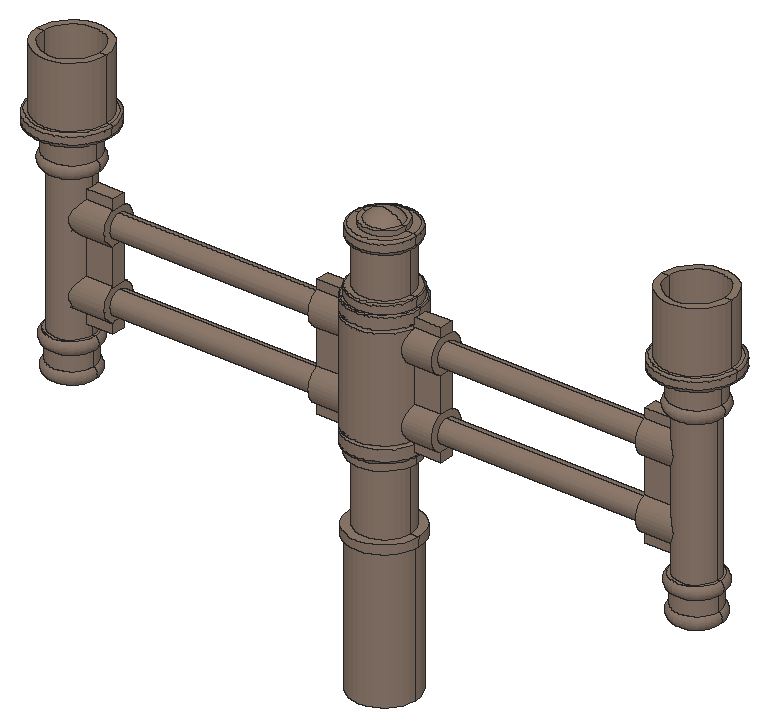
Revit family "PA214", category Generic Models, Revit 2014
Parameters
  TOP CAP = Bronze, Architectural
  TENON = Bronze, Architectural
  BODY2 = Bronze, Architectural
  BODY = Bronze, Architectural
  ARMS = Bronze, Architectural
Reference planes (in)
  plane 1 "Center (Front/Back)": y = 0
  plane 2: z = 0
  plane 3 "Center (Left/Right)": x = 0
  plane 4: x = -1.3129
  plane 5: x = -1.8129
Forms (in)
  Revolve 1, solid, material "Bronze, Architectural" <- "TENON"
    sketch origin (0, 0, 1.5) x (1, 0, 0) y (0, 0, 1)
      loop
        line (0, -1.5) -> (0, 6.5) -> (-1.8129, 6.5) -> (-1.8129, -1.5) -> (0, -1.5)
      axis (0, 6.5) -> (0, -1.5)
    angle from 0 to 360
  Revolve 2, solid, material "Bronze, Architectural" <- "TENON"
    sketch origin (0, 0, 1.5) x (1, 0, 0) y (0, 0, 1)
      loop
        line (0, 6.5) -> (0, 7) -> (-2, 7) -> (-2, 6.5) -> (0, 6.5)
      axis (0, 7) -> (0, 6.5)
    angle from 0 to 360
  Revolve 3, solid, material "Bronze, Architectural" <- "BODY"
    sketch origin (0, 0, 1.5) x (1, 0, 0) y (0, 0, 1)
      loop
        line (0, 7) -> (0, 10.75) -> (-1.5, 10.75) -> (-1.5, 7) -> (0, 7)
      axis (0, 10.75) -> (0, 7)
    angle from 0 to 360
  Revolve 4, solid, material "Bronze, Architectural" <- "BODY2"
    sketch origin (0, 0, 2.05908) x (1, 0, 0) y (0, 0, 1)
      loop
        line (0, 10.19117) -> (0, 10.69117) -> (-1.87726, 10.69117) -> (-1.87726, 10.19117) -> (0, 10.19117)
      axis (0, 10.69117) -> (0, 10.19117)
    angle from 0 to 360
  Revolve 5, solid, material "Bronze, Architectural" <- "BODY"
    sketch origin (0, 0, 1.5) x (1, 0, 0) y (0, 0, 1)
      loop
        arc (-2.00226, 18.83644) -> (-2.04645, 18.81813) -> (-2.06476, 18.77394) r 0.0625
        line (-2.06476, 18.77394) -> (-2.06476, 18.12521)
        arc (-2.06476, 18.12521) -> (-1.97076, 18.03121) -> (-2.06476, 17.93721) r 0.094
        line (-2.06476, 17.93721) -> (-2.06476, 12.14997)
        arc (-2.06476, 12.14997) -> (-1.97076, 12.05597) -> (-2.06476, 11.96197) r 0.094
        line (-2.06476, 11.96197) -> (-2.06476, 11.31276)
        arc (-2.06476, 11.31276) -> (-2.04645, 11.26856) -> (-2.00226, 11.25026) r 0.0625
        line (-2.00226, 11.25026) -> (0, 11.25026) -> (0, 18.83644) -> (-2.00226, 18.83644)
      axis (0, 18.83644) -> (0, 11.25026)
    angle from 0 to 360
  Revolve 6, solid, material "Bronze, Architectural" <- "BODY"
    sketch origin (0, 0, 1.5) x (1, 0, 0) y (0, 0, 1)
      loop
        line (0, 18.83644) -> (0, 22.33644) -> (-1.5, 22.33644) -> (-1.5, 19.33644) -> (-1.81476, 19.33644)
        arc (-1.81476, 19.33644) -> (-1.85895, 19.31813) -> (-1.87726, 19.27394) r 0.0625
        line (-1.87726, 19.27394) -> (-1.87726, 18.83644) -> (0, 18.83644)
      axis (0, 22.33644) -> (0, 18.83644)
    angle from 0 to 360
  Revolve 7, solid, material "Bronze, Architectural" <- "TOP CAP"
    sketch origin (0, 0, 1.5) x (1, 0, 0) y (0, 0, 1)
      loop
        line (0, 21.83326) -> (0, 23.27444)
        arc (0, 23.27444) -> (-0.55902, 23.14247) -> (-1, 22.77444) r 1.25
        line (-1, 22.77444) -> (-1.25, 22.77444) -> (-1.25, 22.52444) -> (-1.6875, 22.52444)
        arc (-1.6875, 22.52444) -> (-1.77589, 22.48782) -> (-1.8125, 22.39944) r 0.125
        line (-1.8125, 22.39944) -> (-1.8125, 21.95826)
        arc (-1.8125, 21.95826) -> (-1.77589, 21.86987) -> (-1.6875, 21.83326) r 0.125
        line (-1.6875, 21.83326) -> (0, 21.83326)
      axis (0, 23.27444) -> (0, 21.83326)
    angle from 0 to 360
  Revolve 8, solid, material "Bronze, Architectural" <- "ARMS"
    sketch origin (0, 0, 1.5) x (1, 0, 0) y (0, 0, 1)
      loop
        line (-18, 8.53462) -> (-18, 25.53462) -> (-20, 25.53462) -> (-20, 22.03462) -> (-20.1924, 22.03462)
        arc (-20.1924, 22.03462) -> (-20.28079, 21.99801) -> (-20.3174, 21.90962) r 0.125
        line (-20.3174, 21.90962) -> (-20.3174, 21.50007)
        arc (-20.3174, 21.50007) -> (-20.28079, 21.41168) -> (-20.1924, 21.37507) r 0.125
        line (-20.1924, 21.37507) -> (-19.438, 21.37507) -> (-19.438, 19.94468)
        arc (-19.438, 19.94468) -> (-19.61039, 19.59909) -> (-19.438, 19.25351) r 0.43259
        line (-19.438, 19.25351) -> (-19.188, 19.25351) -> (-19.188, 10.81508) -> (-19.36341, 10.81508)
        arc (-19.36341, 10.81508) -> (-19.5358, 10.46949) -> (-19.36341, 10.1239) r 0.43259
        line (-19.36341, 10.1239) -> (-19.27256, 10.1239) -> (-19.27256, 9.22579)
        arc (-19.27256, 9.22579) -> (-19.44495, 8.88021) -> (-19.27256, 8.53462) r 0.43259
        line (-19.27256, 8.53462) -> (-18, 8.53462)
      axis (-18, 25.53462) -> (-18, 8.53462)
    angle from 0 to 360
  Revolve 9, solid, material "Bronze, Architectural" <- "ARMS"
    sketch origin (36.00069, 0, 1.5) x (1, 0, 0) y (0, 0, 1)
      loop
        line (-18, 8.53462) -> (-18, 25.53462) -> (-20, 25.53462) -> (-20, 22.03462) -> (-20.1924, 22.03462)
        arc (-20.1924, 22.03462) -> (-20.28079, 21.99801) -> (-20.3174, 21.90962) r 0.125
        line (-20.3174, 21.90962) -> (-20.3174, 21.50007)
        arc (-20.3174, 21.50007) -> (-20.28079, 21.41168) -> (-20.1924, 21.37507) r 0.125
        line (-20.1924, 21.37507) -> (-19.438, 21.37507) -> (-19.438, 19.94468)
        arc (-19.438, 19.94468) -> (-19.61039, 19.59909) -> (-19.438, 19.25351) r 0.43259
        line (-19.438, 19.25351) -> (-19.188, 19.25351) -> (-19.188, 10.81508) -> (-19.36341, 10.81508)
        arc (-19.36341, 10.81508) -> (-19.5358, 10.46949) -> (-19.36341, 10.1239) r 0.43259
        line (-19.36341, 10.1239) -> (-19.27256, 10.1239) -> (-19.27256, 9.22579)
        arc (-19.27256, 9.22579) -> (-19.44495, 8.88021) -> (-19.27256, 8.53462) r 0.43259
        line (-19.27256, 8.53462) -> (-18, 8.53462)
      axis (-18, 25.53462) -> (-18, 8.53462)
    angle from 0 to 360
  Revolve 10, solid, material "Bronze, Architectural" <- "ARMS"
    sketch origin (0, 0, 1.5) x (1, 0, 0) y (0, 0, 1)
      loop
        line (15.312, 16.35359) -> (15.312, 17.01109) -> (3.56476, 17.01109) -> (3.56476, 16.35359) -> (15.312, 16.35359)
      axis (15.312, 17.01109) -> (3.56476, 17.01109)
    angle from 0 to 360
  Revolve 11, solid, material "Bronze, Architectural" <- "ARMS"
    sketch origin (0, 0, -2.45312) x (1, 0, 0) y (0, 0, 1)
      loop
        line (15.312, 16.35359) -> (15.312, 17.01109) -> (3.56476, 17.01109) -> (3.56476, 16.35359) -> (15.312, 16.35359)
      axis (15.312, 17.01109) -> (3.56476, 17.01109)
    angle from 0 to 360
  Revolve 12, solid, material "Bronze, Architectural" <- "ARMS"
    sketch origin (-18.87676, 0, -2.45313) x (1, 0, 0) y (0, 0, 1)
      loop
        line (15.312, 16.35359) -> (15.312, 17.01109) -> (3.56476, 17.01109) -> (3.56476, 16.35359) -> (15.312, 16.35359)
      axis (15.312, 17.01109) -> (3.56476, 17.01109)
    angle from 0 to 360
  Extrusion 13, solid, material "Bronze, Architectural" <- "BODY"
    sketch origin (-0.00052, 0, 1.5) x (1, 0, 0) y (0, 0, 1)
      loop
        line (-1.87726, 18.52784) -> (-3.56476, 18.52784) -> (-3.56476, 17.99314) -> (-1.87726, 17.99314) -> (-1.87726, 18.52784)
      loop
        line (-1.87726, 11.55934) -> (-1.87726, 12.09404) -> (-3.56476, 12.09404) -> (-3.56476, 11.55934) -> (-1.87726, 11.55934)
      loop
        line (-1.87726, 14.04299) -> (-1.87726, 16.04419) -> (-3.56476, 16.04419) -> (-3.56476, 14.04299) -> (-1.87726, 14.04299)
    from -0.375 to 0.375
  Extrusion 14, solid, material "Bronze, Architectural" <- "BODY"
    sketch origin (5.44202, 0, 1.5) x (1, 0, 0) y (0, 0, 1)
      loop
        line (-1.87726, 18.52784) -> (-3.56476, 18.52784) -> (-3.56476, 17.99314) -> (-1.87726, 17.99314) -> (-1.87726, 18.52784)
      loop
        line (-1.87726, 11.55934) -> (-1.87726, 12.09404) -> (-3.56476, 12.09404) -> (-3.56476, 11.55934) -> (-1.87726, 11.55934)
      loop
        line (-1.87726, 14.04299) -> (-1.87726, 16.04419) -> (-3.56476, 16.04419) -> (-3.56476, 14.04299) -> (-1.87726, 14.04299)
    from -0.375 to 0.375
  Extrusion 15, solid, material "Bronze, Architectural" <- "ARMS"
    sketch origin (18.87676, 0, 1.50037) x (1, 0, 0) y (0, 0, 1)
      loop
        line (-1.87726, 18.51854) -> (-3.56476, 18.51854) -> (-3.56476, 17.92791) -> (-1.87726, 17.92791) -> (-1.87726, 18.51854)
      loop
        line (-1.87726, 11.55004) -> (-1.87726, 12.16204) -> (-3.56476, 12.16204) -> (-3.56476, 11.55004) -> (-1.87726, 11.55004)
      loop
        line (-1.87726, 13.95639) -> (-1.87726, 16.1122) -> (-3.56476, 16.1122) -> (-3.56476, 13.95639) -> (-1.87726, 13.95639)
    from -0.375 to 0.375
  Extrusion 16, solid, material "Bronze, Architectural" <- "ARMS"
    sketch origin (31.19004, 0, -52.16014) x (0, 0, 1) y (0, 1, 0)
      loop
        circle (66.71972, 0) r 1.03125
    from 13.69125 to 15.87804
  Extrusion 17, solid, material "Bronze, Architectural" <- "ARMS"
    sketch origin (31.19004, 0, -48.1993) x (0, 0, 1) y (0, 1, 0)
      loop
        circle (66.71972, 0) r 1.03125
    from 13.69125 to 15.87804
  Extrusion 18, solid, material "Bronze, Architectural" <- "ARMS"
    sketch origin (-13.43474, 0, 1.50037) x (1, 0, 0) y (0, 0, 1)
      loop
        line (-1.87726, 18.51854) -> (-3.56476, 18.51854) -> (-3.56476, 17.92791) -> (-1.87726, 17.92791) -> (-1.87726, 18.51854)
      loop
        line (-1.87726, 11.55004) -> (-1.87726, 12.16204) -> (-3.56476, 12.16204) -> (-3.56476, 11.55004) -> (-1.87726, 11.55004)
      loop
        line (-1.87726, 13.95639) -> (-1.87726, 16.1122) -> (-3.56476, 16.1122) -> (-3.56476, 13.95639) -> (-1.87726, 13.95639)
    from -0.375 to 0.375
  Extrusion 19, solid, material "Bronze, Architectural" <- "ARMS"
    sketch origin (-1.62146, 0, -52.16014) x (0, 0, 1) y (0, 1, 0)
      loop
        circle (66.71972, 0) r 1.03125
    from 13.69125 to 15.87804
  Extrusion 20, solid, material "Bronze, Architectural" <- "ARMS"
    sketch origin (-1.62146, 0, -48.1993) x (0, 0, 1) y (0, 1, 0)
      loop
        circle (66.71972, 0) r 1.03125
    from 13.69125 to 15.87804
  Revolve 21, solid, material "Bronze, Architectural" <- "ARMS"
    sketch origin (-18.87747, 0, 1.5) x (1, 0, 0) y (0, 0, 1)
      loop
        line (15.312, 16.35359) -> (15.312, 17.01109) -> (3.56476, 17.01109) -> (3.56476, 16.35359) -> (15.312, 16.35359)
      axis (15.312, 17.01109) -> (3.56476, 17.01109)
    angle from 0 to 360
  Extrusion 22, solid, material "Bronze, Architectural" <- "BODY"
    sketch origin (8.82892, 0, -50.16081) x (0, 0, 1) y (0, 1, 0)
      loop
        circle (64.72932, 0) r 1.03125
    from 10.20538 to 12.3942
  Extrusion 23, solid, material "Bronze, Architectural" <- "BODY"
    sketch origin (8.82892, 0, -46.21066) x (0, 0, 1) y (0, 1, 0)
      loop
        circle (64.72932, 0) r 1.03125
    from 10.20538 to 12.3942
  Extrusion 24, solid, material "Bronze, Architectural" <- "BODY"
    sketch origin (13.77013, 0, -46.21066) x (0, 0, 1) y (0, 1, 0)
      loop
        circle (64.72932, 0) r 1.03125
    from 10.20538 to 12.3942
  Extrusion 25, solid, material "Bronze, Architectural" <- "BODY"
    sketch origin (13.77013, 0, -50.16081) x (0, 0, 1) y (0, 1, 0)
      loop
        circle (64.72932, 0) r 1.03125
    from 10.20538 to 12.3942
  Revolve 26, void
    sketch origin (0, 0, 0) x (1, 0, 0) y (0, 0, 1)
      loop
        line (18.00069, 27.03462) -> (16.37569, 27.03462) -> (16.37569, 23.53462) -> (18.00069, 23.53462) -> (18.00069, 27.03462)
      axis (18.00069, 27.03462) -> (18.00069, 23.53462)
    angle from 0 to 360
  Revolve 27, void
    sketch origin (0, 0, 0) x (1, 0, 0) y (0, 0, 1)
      loop
        line (-16.375, 27.03462) -> (-18, 27.03462) -> (-18, 23.53462) -> (-16.375, 23.53462) -> (-16.375, 27.03462)
      axis (-18, 23.53462) -> (-18, 27.03462)
    angle from 0 to 360
  Revolve 28, void
    sketch origin (0, 0, 0) x (1, 0, 0) y (0, 0, 1)
      loop
        line (-1.3129, 0) -> (0, 0) -> (0, 8) -> (-1.3129, 8) -> (-1.3129, 0)
      axis (0, 8) -> (0, 0)
    angle from 0 to 360
Cuts and joins
  Revolve 26 cuts Revolve 9
  Revolve 27 cuts Revolve 8
  Revolve 28 cuts Revolve 1
  Revolve 28 cuts Revolve 2
Lines and regions (in)
  model lines
    curve 1: line (16.812, 0, 19.42791) -> (16.812, 0, 17.6206)
    curve 2: line (15.312, 0, 17.50062) -> (15.312, 0, 16.18562)
    curve 3: line (3.56476, 0, 19.16859) -> (3.56476, 0, 17.85359)
    curve 4: line (15.312, 0, 19.42828) -> (15.312, 0, 17.50062)
Dimensions and locks (in)
  aligned and locked: plane 2 to level
